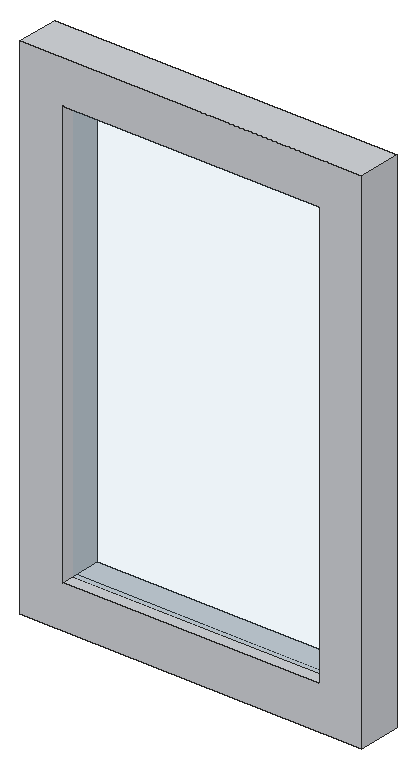
Revit family "PHLS Window", category Windows, host Wall, Revit 2018
Family settings
  Host = Wall
  OmniClass Number = 23.30.20.00
  OmniClass Title = Windows
  Always vertical = Yes
  Cut with Voids When Loaded = No
  Shared = No
  Room Calculation Point = No
Parameters
  Transom t2 Width [instance] = 0 mm
  Transom t1 Width [instance] = 0 mm
  Transom t Width [instance] = 0 mm
  Top Sash Width Validated [instance] = if(Top Frame Width Sash < 10 mm, 10 mm, Top Frame Width Sash)  # 60 mm
  Top Frame Width Validated [instance] = if(Top Frame Width < 10 mm, 10 mm, Top Frame Width)  # 125 mm
  Top Frame Width Sash [instance] = 60 mm
  Top Frame Width Operable Validated [instance] = if(Top Frame Width Operable < 5 mm, 5 mm, Top Frame Width Operable)  # 200 mm
  Top Frame Width Operable [instance] = 200 mm
  Top Frame Width [instance] = 125 mm
  Threshold Width [instance] = 0 mm
  Sash Opening Symbol - Top Slide [instance] = no
  Sash Opening Symbol - Right Slide [instance] = no
  Sash Opening Symbol - Bottom Slide [instance] = no
  Sash Opening Symbol - Bottom Hung [instance] = no
  Sash Opening Symbol - Right Hung [instance] = no
  Right Sash Width Validated [instance] = if(Right Frame Width Sash < 10 mm, 10 mm, Right Frame Width Sash)  # 60 mm
  Right Frame Width Validated [instance] = if(Right Frame Width < 10 mm, 10 mm, Right Frame Width)  # 125 mm
  Right Frame Width Sash [instance] = 60 mm
  Right Frame Width Operable Validated [instance] = if(Right Frame Width Operable < 5 mm, 5 mm, Right Frame Width Operable)  # 200 mm
  Right Frame Width Operable [instance] = 200 mm
  Right Frame Width [instance] = 125 mm
  PHPP oReveal Right Side [instance] = 250 mm
  PHPP oReveal Left Side [instance] = 500 mm
  PHPP dReveal Right Side [instance] = 250 mm
  PHPP dReveal Left Side [instance] = 500 mm
  PHPP Window reveal depth [instance] = ((PHPP oReveal Left Side) + (PHPP oReveal Right Side)) / 2  # 375 mm
  PHPP Regulated / transparent [instance] = no
  PHPP Reduction factor z for temporary sun protection [instance] = ""
  PHPP Overhang depth [instance] = 1000 mm
  PHPP Installation situation top [instance] = "1"
  PHPP Installation situation right [instance] = "1"
  PHPP Installation situation left [instance] = "1"
  PHPP Installation situation bottom [instance] = "1"
  Top Sash Width Constraint [instance] = if(not(Top Sash Width Validated < Top Frame Width Operable Validated), 5 mm, Top Sash Width Validated)  # 60 mm
  Top Frame Width Constraint [instance] = if(Sash Option, if(Top Frame Width Operable = 0 mm, Top Frame Width Validated, Top Frame Width Operable Validated), Top Frame Width Validated)  # 125 mm
  Sash Setback [instance] = 100 mm
  Sash Opening Symbol - Top Hung [instance] = no
  Sash Opening Symbol - Left Slide [instance] = no
  Sash Opening Symbol - Left Hung [instance] = no
  Sash Depth [instance] = 100 mm
  Sash Option [instance] = no
  Right Sash Width Constraint [instance] = if(not(Right Sash Width Validated < Right Frame Width Operable Validated), 5 mm, Right Sash Width Validated)  # 60 mm
  Right Frame Width Constraint [instance] = if(Sash Option, if(Right Frame Width Operable = 0 mm, Right Frame Width Validated, Right Frame Width Operable Validated), Right Frame Width Validated)  # 125 mm
  PHPP Horizontal distance [instance] = 2000 mm
  PHPP Height of shading object [instance] = 2000 mm
  PHPP Glazing [instance] = ""
  PHPP Frame [instance] = ""
  PHPP Fixed glazing length of outer frame Top [instance] = if(No Sash Option, Width, 0 mm)  # 1000 mm
  PHPP Fixed glazing length of outer frame Right [instance] = if(No Sash Option, Height, 0 mm)  # 1500 mm
  PHPP Fixed glazing length of outer frame Left [instance] = if(No Sash Option, Height, 0 mm)  # 1500 mm
  PHPP Fixed glazing length of outer frame Bottom [instance] = if(No Sash Option, Width, 0 mm)  # 1000 mm
  PHPP Distance glazing to reveal [instance] = ((PHPP dReveal Left Side) + (PHPP dReveal Right Side)) / 2  # 375 mm
  PHPP Distance glazing to overhang [instance] = 1000 mm
  PHPP Description [instance] = ""
  PHPP Comfort exemption [instance] = no
  PHPP Additional reduction factor winter shading [instance] = ""
  PHPP Additional reduction factor summer shading [instance] = ""
  PHLS Familiy Object Version = "3.0 - December 2023"
  No Sash Option [instance] = not(Sash Option)  # yes
  Mullion m2 Width [instance] = 0 mm
  Mullion m1 Width [instance] = 0 mm
  Mullion m Width [instance] = 0 mm
  Mullion fm Width [instance] = 0 mm
  Left Sash Width Validated [instance] = if(Left Frame Width Sash < 10 mm, 10 mm, Left Frame Width Sash)  # 60 mm
  Left Sash Width Constraint [instance] = if(not(Left Sash Width Validated < Left Frame Width Operable Validated), 5 mm, Left Sash Width Validated)  # 60 mm
  Left Frame Width Validated [instance] = if(Left Frame Width < 10 mm, 10 mm, Left Frame Width)  # 125 mm
  Left Frame Width Sash [instance] = 60 mm
  Left Frame Width Operable Validated [instance] = if(Left Frame Width Operable < 5 mm, 5 mm, Left Frame Width Operable)  # 200 mm
  Left Frame Width Operable [instance] = 200 mm
  Left Frame Width Constraint [instance] = if(Sash Option, if(Left Frame Width Operable = 0 mm, Left Frame Width Validated, Left Frame Width Operable Validated), Left Frame Width Validated)  # 125 mm
  Left Frame Width [instance] = 125 mm
  Height [instance] = 1500 mm
  Glass Thickness [instance] = 14.974 mm
  Glass Setback Constraint [instance] = if(No Sash Option, Glass Setback Case No Sash Option, Glass Setback Case Sash Option)  # 125 mm
  Glass Setback Case Sash Option [instance] = if(and(Sash Option, Glass Setback < Sash Setback), Sash Setback, if(and(Sash Option, Glass Setback > Sash Setback + Sash Depth), Sash Setback + Sash Depth - Glass Thickness, Glass Setback))  # 125 mm
  Glass Setback Case No Sash Option [instance] = if(and(No Sash Option, Glass Setback < Frame Setback), Frame Setback, if(and(No Sash Option, Glass Setback > Frame Setback + Frame Depth), Frame Setback + Frame Depth - Glass Thickness, Glass Setback))  # 125 mm
  Glass Setback [instance] = 125 mm
  Glass Material [instance] = Glass
  Frame Setback [instance] = 50 mm
  Frame Material [instance] = none
  Frame Depth [instance] = 125 mm
  Default Sill Height = 800 mm
  Wall Closure = By host
  Width [instance] = 1000 mm
  Bottom Sash Width Validated [instance] = if(Bottom Frame Width Sash < 10 mm, 10 mm, Bottom Frame Width Sash)  # 60 mm
  Bottom Sash Width Constraint [instance] = if(not(Bottom Sash Width Validated < Bottom Frame Width Operable Validated), 5 mm, Bottom Sash Width Validated)  # 60 mm
  Bottom Frame Width Validated [instance] = if(Bottom Frame Width < 10 mm, 10 mm, Bottom Frame Width)  # 125 mm
  Bottom Frame Width Sash [instance] = 60 mm
  Bottom Frame Width Operable Validated [instance] = if(Bottom Frame Width Operable < 5 mm, 5 mm, Bottom Frame Width Operable)  # 200 mm
  Bottom Frame Width Operable [instance] = 200 mm
  Bottom Frame Width Constraint [instance] = if(Sash Option, if(Bottom Frame Width Operable = 0 mm, Bottom Frame Width Validated, Bottom Frame Width Operable Validated), Bottom Frame Width Validated)  # 125 mm
  Shading Guides and Labels Visible [instance] = yes
  Bottom Frame Width [instance] = 125 mm
  Analytic Construction = "<None>"
Reference planes
  plane 1 "Center (Front/Back)": y = 0
  plane 2 "Center (Left/Right)": x = 0
  plane 3 "Left": x = -500
  plane 4 "Right": x = 500
  plane 5 "Sill": z = 800
  plane 6 "Head": z = 2300
  plane 7 "Exterior": y = 100
  plane 8 "Interior": y = -100
  plane 9 "Left Frame Overall": x = -375
  plane 10 "Right Frame Overall": x = 375
  plane 11 "Top Frame Overall": z = 2175
  plane 12 "Bottom Frame Overall": z = 925
  plane 13 "Frame Setback": y = 50
  plane 14 "Frame Depth": y = -75
  plane 15 "Glass Setback": y = -25
  plane 16 "Left Sash": x = -435
  plane 17 "Right Sash": x = 435
  plane 18 "Top Sash": z = 2235
  plane 19 "Bottom Sash": z = 865
  plane 20 "Sash Setback": y = 0
  plane 21 "Sash Depth": y = -100
  plane 22 "Glass Thickness": y = -39.974
  plane 23 "Height of Horizontal Shading": z = 2925
  plane 24 "Distance to Horizontal Shading": y = 1975
  plane 25 "Right Frame to Wall Opening": x = 500
  plane 26 "Left Frame to Wall Opening": x = -500
  plane 27 "Top Frame to Wall Opening": z = 2300
  plane 28 "Bottom Frame to Wall Opening": z = 800
  plane 29 "oReveal Left": y = 475
  plane 30 "oReveal Right": y = 225
  plane 31 "dReveal Left": x = -875
  plane 32 "dReveal Right": x = 625
  plane 33 "Distance to Overhang": y = 975
  plane 34 "Height of Overhang": z = 3175
  plane 35 "Center (Top/Bottom)": z = 1550
Forms (mm)
  Extrusion 1, solid, material <- "Frame Material", visible <- "No Sash Option"
    sketch origin (0, 0, 0) x (1, 0, 0) y (0, 1, 0)
      loop
        line (-500, 50) -> (-500, -75) -> (-375, -75) -> (-375, 50) -> (-500, 50)
    from 800 to 2300
  Extrusion 2, solid, material <- "Frame Material", visible <- "No Sash Option"
    sketch origin (240, 0, 0) x (1, 0, 0) y (0, 1, 0)
      loop
        line (135, 50) -> (135, -75) -> (260, -75) -> (260, 50) -> (135, 50)
    from 800 to 2300
  Extrusion 3, solid, material <- "Frame Material", visible <- "No Sash Option"
    sketch origin (-500, 0, 0) x (0, -1, 0) y (0, 0, 1)
      loop
        line (-50, 2300) -> (-50, 2175) -> (75, 2175) -> (75, 2300) -> (-50, 2300)
    from -1000 to 0
  Extrusion 4, solid, material <- "Frame Material", visible <- "No Sash Option"
    sketch origin (-500, 0, 0) x (0, -1, 0) y (0, 0, 1)
      loop
        line (-50, 925) -> (-50, 800) -> (75, 800) -> (75, 925) -> (-50, 925)
    from -1000 to 0
  Extrusion 5, solid, material <- "Frame Material", visible <- "Sash Option"
    sketch origin (0, 0, 0) x (1, 0, 0) y (0, 1, 0)
      loop
        line (-375, 0) -> (-435, 0) -> (-435, -100) -> (-375, -100) -> (-375, 0)
    from 865 to 2235
  Extrusion 6, solid, material <- "Frame Material", visible <- "Sash Option"
    sketch origin (260, 0, 0) x (1, 0, 0) y (0, 1, 0)
      loop
        line (175, 0) -> (115, 0) -> (115, -100) -> (175, -100) -> (175, 0)
    from 865 to 2235
  Extrusion 7, solid, material <- "Frame Material", visible <- "Sash Option"
    sketch origin (-500, 0, 0) x (0, -1, 0) y (0, 0, 1)
      loop
        line (0, 2235) -> (0, 2175) -> (100, 2175) -> (100, 2235) -> (0, 2235)
    from -935 to -65
  Extrusion 8, solid, material <- "Frame Material", visible <- "Sash Option"
    sketch origin (-500, 0, -1160) x (0, -1, 0) y (0, 0, 1)
      loop
        line (0, 2085) -> (0, 2025) -> (100, 2025) -> (100, 2085) -> (0, 2085)
    from -935 to -65
  Extrusion 9, solid, material "Glass" <- "Glass Material"
    sketch origin (0, 100, 0) x (1, 0, 0) y (0, 0, 1)
      loop
        line (375, 2175) -> (-375, 2175) -> (-375, 925) -> (375, 925) -> (375, 2175)
    from 125 to 139.974
  Extrusion 10, solid, material <- "Frame Material", visible <- "Sash Option"
    sketch origin (0, 0, 0) x (1, 0, 0) y (0, 1, 0)
      loop
        line (-500, 50) -> (-500, -75) -> (-435, -75) -> (-435, 50) -> (-500, 50)
    from 800 to 2300
  Extrusion 11, solid, material <- "Frame Material", visible <- "Sash Option"
    sketch origin (240, 0, 0) x (1, 0, 0) y (0, 1, 0)
      loop
        line (195, 50) -> (195, -75) -> (260, -75) -> (260, 50) -> (195, 50)
    from 800 to 2300
  Extrusion 12, solid, material <- "Frame Material", visible <- "Sash Option"
    sketch origin (-500, 0, 0) x (0, -1, 0) y (0, 0, 1)
      loop
        line (-50, 2300) -> (-50, 2235) -> (75, 2235) -> (75, 2300) -> (-50, 2300)
    from -1000 to 0
  Extrusion 13, solid, material <- "Frame Material", visible <- "Sash Option"
    sketch origin (-500, 0, 0) x (0, -1, 0) y (0, 0, 1)
      loop
        line (-50, 865) -> (-50, 800) -> (75, 800) -> (75, 865) -> (-50, 865)
    from -1000 to 0
Cuts and joins
  joined: Extrusion 1, Extrusion 2, Extrusion 3, Extrusion 4
  joined: Extrusion 5, Extrusion 6, Extrusion 7, Extrusion 8
  joined: Extrusion 10, Extrusion 11, Extrusion 12, Extrusion 13
Lines and regions (mm)
  Opening 1
    outline origin (3500, -100, 0) x (1, 0, 0) y (0, 0, 1)
      loop
        line (-3000, 800) -> (-3000, 2300) -> (-4000, 2300) -> (-4000, 800) -> (-3000, 800)
  symbolic lines, style "WindowsHiddenLines", visible <- "Shading Guides and Labels Visible"
    curve 1: line (-500, 1975, 0) -> (500, 1975, 0)
    curve 2: line (500, 100, 2925) -> (-500, 100, 2925)
    curve 3: line (-500, 2475, 2925) -> (-500, 1875, 2925)
    curve 4: line (-500, 1975, 925) -> (-500, 1975, 3025)
    curve 5: line (-1375, 475, 0) -> (-775, 475, 0)
    curve 6: line (1125, 225, 0) -> (525, 225, 0)
    curve 7: line (-875, -25, 0) -> (-875, 575, 0)
    curve 8: line (625, -25, 0) -> (625, 325, 0)
    curve 9: line (-500, 1075, 3175) -> (-500, -25, 3175)
    curve 10: line (-500, 975, 3075) -> (-500, 975, 3675)
    curve 11: line (-500, 975, 0) -> (500, 975, 0)
    curve 12: line (500, 100, 3175) -> (-500, 100, 3175)
    curve 13: line (625, 100, 925) -> (625, 100, 2175)
    curve 14: line (-875, 100, 2175) -> (-875, 100, 925)
    curve 15: line (-500, 475, 925) -> (-500, 475, 2175)
    curve 16: line (-500, 225, 925) -> (-500, 225, 2175)
  symbolic lines, style "WindowsHiddenLines", visible <- "Sash Opening Symbol - Left Hung"
    curve 17: line (375, 100, 2175) -> (-375, 100, 1550)
    curve 18: line (375, 100, 925) -> (-375, 100, 1550)
  symbolic lines, style "WindowsHiddenLines", visible <- "Sash Opening Symbol - Right Hung"
    curve 19: line (-375, 100, 2175) -> (375, 100, 1550)
    curve 20: line (-375, 100, 925) -> (375, 100, 1550)
  symbolic lines, style "WindowsHiddenLines", visible <- "Sash Opening Symbol - Top Hung"
    curve 21: line (375, 100, 2175) -> (0, 100, 925)
    curve 22: line (0, 100, 925) -> (-375, 100, 2175)
  symbolic lines, style "WindowsHiddenLines", visible <- "Sash Opening Symbol - Bottom Hung"
    curve 23: line (375, 100, 925) -> (0, 100, 2175)
    curve 24: line (0, 100, 2175) -> (-375, 100, 925)
Text (mm)
  text "EXTERIOR" at (-1963.203, 1332.353, 0), in view "Ref. Level"
  text "INTERIOR" at (-1981.466, -818.386, 0), in view "Ref. Level"
  text "Exterior" at (0, 923.751, 2943.296), in view "Right"
  text "Exterior" at (0, 1040.484, 2685.409), in view "Left"
Dimensions and locks
  equal spacing: plane 3 "Left", plane 2 "Center (Left/Right)", plane 4 "Right"
  "Width": plane 3 "Left" to plane 4 "Right"
  "Height": plane 5 "Sill" to plane 6 "Head"
  "Default Sill Height": plane 5 "Sill" to level
  locked: plane 7 "Exterior" to host wall at 0
  locked: plane 8 "Interior" to host wall
  "Left Frame Width Constraint": plane 26 "Left Frame to Wall Opening" to plane 9 "Left Frame Overall"
  "Right Frame Width Constraint": plane 10 "Right Frame Overall" to plane 25 "Right Frame to Wall Opening"
  "Bottom Frame Width Constraint": plane 28 "Bottom Frame to Wall Opening" to plane 12 "Bottom Frame Overall"
  "Glass Setback Constraint": plane 15 "Glass Setback" to plane 7 "Exterior"
  "Frame Setback": plane 13 "Frame Setback" to plane 7 "Exterior"
  "Frame Depth": plane 13 "Frame Setback" to plane 14 "Frame Depth"
  "Bottom Sash Width Constraint": plane 19 "Bottom Sash" to plane 12 "Bottom Frame Overall"
  "Top Sash Width Constraint": plane 11 "Top Frame Overall" to plane 18 "Top Sash"
  "Right Sash Width Constraint": plane 10 "Right Frame Overall" to plane 17 "Right Sash"
  "Left Sash Width Constraint": plane 16 "Left Sash" to plane 9 "Left Frame Overall"
  "Sash Setback": plane 20 "Sash Setback" to plane 7 "Exterior"
  "Sash Depth": plane 20 "Sash Setback" to plane 21 "Sash Depth"
  "Glass Thickness": plane 15 "Glass Setback" to plane 22 "Glass Thickness"
  "PHPP Horizontal distance": plane 24 "Distance to Horizontal Shading" to plane 15 "Glass Setback"
  "PHPP Height of shading object": plane 12 "Bottom Frame Overall" to plane 23 "Height of Horizontal Shading"
  "Top Frame Width Constraint": plane 11 "Top Frame Overall" to plane 27 "Top Frame to Wall Opening"
  locked: curve 3 to plane 24 "Distance to Horizontal Shading" at 500
  "PHPP oReveal Left Side": plane 29 "oReveal Left" to plane 15 "Glass Setback"
  "PHPP oReveal Right Side": plane 30 "oReveal Right" to plane 15 "Glass Setback"
  "PHPP dReveal Left Side": plane 31 "dReveal Left" to plane 9 "Left Frame Overall"
  locked: curve 5 to plane 31 "dReveal Left" at 500
  curve 7 to plane 29 "oReveal Left" = 100 mm
  locked: plane 29 "oReveal Left" to nested 4 at 250
  locked: curve 8 to plane 30 "oReveal Right" at 100
  locked: plane 32 "dReveal Right" to curve 6 at 500
  locked: plane 30 "oReveal Right" to nested 5 at 249.713
  "PHPP dReveal Right Side": plane 10 "Right Frame Overall" to plane 32 "dReveal Right"
  locked: plane 31 "dReveal Left" to curve 5 at 100
  "PHPP Overhang depth": plane 33 "Distance to Overhang" to plane 15 "Glass Setback"
  "PHPP Distance glazing to overhang": plane 11 "Top Frame Overall" to plane 34 "Height of Overhang"
  curve 9 to plane 33 "Distance to Overhang" to nested 11 = 100 mm locked, 150 mm locked
  locked: curve 4 to plane 23 "Height of Horizontal Shading" at 100
  equal spacing: plane 5 "Sill", plane 35 "Center (Top/Bottom)", plane 6 "Head"
  locked: nested 7 to plane 31 "dReveal Left" at 50
  locked: nested 2 to plane 31 "dReveal Left" at 250
  locked: curve 6 to plane 32 "dReveal Right" at 100
  locked: plane 32 "dReveal Right" to nested 3 at 250
  locked: nested 13 to plane 24 "Distance to Horizontal Shading" at 150
  locked: plane 23 "Height of Horizontal Shading" to nested 12 at 150
  locked: plane 24 "Distance to Horizontal Shading" to curve 3 at 100
  locked: curve 10 to plane 34 "Height of Overhang" at 500
  locked: plane 34 "Height of Overhang" to curve 10 at 100
  locked: nested 9 to plane 34 "Height of Overhang" at 150
  aligned and locked: Extrusion 1 sketch curve to plane 13 "Frame Setback"
  aligned and locked: plane 9 "Left Frame Overall" to Extrusion 1 sketch curve
  aligned and locked: plane 5 "Sill" to Extrusion 1
  aligned and locked: Extrusion 1 to plane 6 "Head"
  aligned and locked: Extrusion 2 sketch curve to plane 10 "Right Frame Overall"
  aligned and locked: Extrusion 2 to plane 6 "Head"
  aligned and locked: plane 5 "Sill" to Extrusion 2
  aligned and locked: Extrusion 3 sketch curve to plane 13 "Frame Setback"
  aligned and locked: plane 14 "Frame Depth" to Extrusion 3 sketch curve
  aligned and locked: plane 14 "Frame Depth" to Extrusion 4 sketch curve
  aligned and locked: plane 12 "Bottom Frame Overall" to Extrusion 4 sketch curve
  aligned and locked: Extrusion 4 sketch curve to plane 13 "Frame Setback"
  aligned and locked: plane 3 "Left" to Extrusion 3
  aligned and locked: plane 3 "Left" to Extrusion 4
  aligned and locked: Extrusion 3 to plane 4 "Right"
  aligned and locked: Extrusion 4 to plane 4 "Right"
  aligned and locked: Extrusion 5 sketch curve to plane 9 "Left Frame Overall"
  aligned and locked: plane 16 "Left Sash" to Extrusion 5 sketch curve
  aligned and locked: plane 20 "Sash Setback" to Extrusion 5 sketch curve
  aligned and locked: Extrusion 5 sketch curve to plane 21 "Sash Depth"
  aligned and locked: plane 19 "Bottom Sash" to Extrusion 5
  aligned and locked: Extrusion 5 to plane 18 "Top Sash"
  aligned and locked: Extrusion 6 to plane 18 "Top Sash"
  aligned and locked: plane 19 "Bottom Sash" to Extrusion 6
  aligned and locked: Extrusion 6 sketch curve to plane 17 "Right Sash"
  aligned and locked: plane 10 "Right Frame Overall" to Extrusion 6 sketch curve
  aligned and locked: Extrusion 6 sketch curve to plane 21 "Sash Depth"
  aligned and locked: plane 20 "Sash Setback" to Extrusion 6 sketch curve
  aligned and locked: Extrusion 7 sketch curve to plane 11 "Top Frame Overall"
  aligned and locked: plane 18 "Top Sash" to Extrusion 7 sketch curve
  aligned and locked: plane 21 "Sash Depth" to Extrusion 7 sketch curve
  aligned and locked: Extrusion 7 sketch curve to plane 20 "Sash Setback"
  aligned and locked: Extrusion 7 to plane 17 "Right Sash"
  aligned and locked: plane 16 "Left Sash" to Extrusion 7
  aligned and locked: plane 16 "Left Sash" to Extrusion 8
  aligned and locked: Extrusion 8 to plane 17 "Right Sash"
  aligned and locked: Extrusion 8 sketch curve to plane 20 "Sash Setback"
  aligned and locked: plane 21 "Sash Depth" to Extrusion 8 sketch curve
  aligned and locked: plane 12 "Bottom Frame Overall" to Extrusion 8 sketch curve
  aligned and locked: Extrusion 8 sketch curve to plane 19 "Bottom Sash"
  aligned and locked: plane 11 "Top Frame Overall" to Extrusion 9 sketch curve
  aligned and locked: plane 10 "Right Frame Overall" to Extrusion 9 sketch curve
  aligned and locked: Extrusion 9 sketch curve to plane 12 "Bottom Frame Overall"
  aligned and locked: Extrusion 9 sketch curve to plane 9 "Left Frame Overall"
  aligned and locked: plane 15 "Glass Setback" to Extrusion 9
  aligned and locked: Extrusion 9 to plane 22 "Glass Thickness"
  aligned and locked: Extrusion 13 sketch curve to plane 13 "Frame Setback"
  aligned and locked: plane 14 "Frame Depth" to Extrusion 13 sketch curve
  aligned and locked: Extrusion 13 sketch curve to plane 5 "Sill"
  aligned and locked: plane 19 "Bottom Sash" to Extrusion 13 sketch curve
  aligned and locked: cut or joined group of Extrusion 10, Extrusion 11, Extrusion 12, Extrusion 13 to plane 4 "Right"  (x2)
  aligned and locked: plane 3 "Left" to cut or joined group of Extrusion 10, Extrusion 11, Extrusion 12, Extrusion 13  (x2)
  aligned and locked: Extrusion 12 sketch curve to plane 13 "Frame Setback"
  aligned and locked: plane 14 "Frame Depth" to Extrusion 12 sketch curve
  aligned and locked: Extrusion 12 sketch curve to plane 18 "Top Sash"
  aligned and locked: plane 6 "Head" to Extrusion 12 sketch curve
  aligned and locked: plane 4 "Right" to Extrusion 11 sketch curve
  aligned and locked: plane 14 "Frame Depth" to Extrusion 11 sketch curve
  aligned and locked: Extrusion 11 sketch curve to plane 13 "Frame Setback"
  aligned and locked: Extrusion 11 sketch curve to plane 17 "Right Sash"
  aligned and locked: cut or joined group of Extrusion 10, Extrusion 11, Extrusion 12, Extrusion 13 to plane 6 "Head"  (x2)
  aligned and locked: plane 5 "Sill" to cut or joined group of Extrusion 10, Extrusion 11, Extrusion 12, Extrusion 13  (x2)
  aligned and locked: Extrusion 10 sketch curve to plane 3 "Left"
  aligned and locked: plane 14 "Frame Depth" to Extrusion 10 sketch curve
  aligned and locked: Extrusion 10 sketch curve to plane 13 "Frame Setback"
  aligned and locked: plane 16 "Left Sash" to Extrusion 10 sketch curve
  aligned and locked: plane 14 "Frame Depth" to Extrusion 2 sketch curve
  aligned and locked: Extrusion 2 sketch curve to plane 13 "Frame Setback"
  aligned and locked: plane 14 "Frame Depth" to Extrusion 1 sketch curve
  aligned and locked: plane 25 "Right Frame to Wall Opening" to Extrusion 2 sketch curve
  aligned and locked: plane 4 "Right" to cut or joined group of Extrusion 10, Extrusion 11, Extrusion 12, Extrusion 13
  aligned and locked: plane 4 "Right" to plane 25 "Right Frame to Wall Opening"
  aligned and locked: plane 3 "Left" to plane 26 "Left Frame to Wall Opening"
  aligned and locked: Extrusion 1 sketch curve to plane 26 "Left Frame to Wall Opening"
  aligned and locked: curve 1 to plane 24 "Distance to Horizontal Shading"
  aligned and locked: curve 1 to plane 4 "Right"
  aligned and locked: plane 3 "Left" to curve 2
  aligned and locked: plane 4 "Right" to curve 2
  aligned and locked: curve 2 to plane 23 "Height of Horizontal Shading"
  aligned and locked: curve 4 to plane 24 "Distance to Horizontal Shading"
  aligned and locked: plane 2 "Center (Left/Right)" to nested 1
  aligned and locked: plane 27 "Top Frame to Wall Opening" to plane 6 "Head"
  aligned and locked: plane 28 "Bottom Frame to Wall Opening" to plane 5 "Sill"
  aligned and locked: plane 28 "Bottom Frame to Wall Opening" to Extrusion 4 sketch curve
  aligned and locked: Extrusion 3 sketch curve to plane 27 "Top Frame to Wall Opening"
  aligned and locked: Extrusion 3 sketch curve to plane 11 "Top Frame Overall"
  aligned and locked: curve 5 to plane 29 "oReveal Left"
  aligned and locked: curve 6 to plane 30 "oReveal Right"
  aligned and locked: plane 30 "oReveal Right" to nested 3
  aligned and locked: curve 7 to plane 31 "dReveal Left"
  aligned and locked: nested 4 to plane 31 "dReveal Left"
  aligned and locked: curve 8 to plane 32 "dReveal Right"
  aligned and locked: plane 32 "dReveal Right" to nested 5
  aligned and locked: nested 2 to plane 29 "oReveal Left"
  aligned and locked: plane 15 "Glass Setback" to curve 7
  aligned and locked: curve 8 to plane 15 "Glass Setback"
  aligned and locked: curve 9 to plane 34 "Height of Overhang"
  aligned and locked: curve 9 to plane 15 "Glass Setback"
  aligned and locked: curve 10 to plane 33 "Distance to Overhang"
  aligned and locked: curve 4 to plane 12 "Bottom Frame Overall"
  aligned and locked: curve 3 to plane 23 "Height of Horizontal Shading"
  aligned and locked: plane 2 "Center (Left/Right)" to nested 6
  aligned and locked: nested 6 to plane 33 "Distance to Overhang"
  aligned and locked: curve 11 to plane 3 "Left"
  aligned and locked: curve 11 to plane 4 "Right"
  aligned and locked: curve 11 to plane 33 "Distance to Overhang"
  aligned and locked: plane 4 "Right" to curve 12
  aligned and locked: plane 3 "Left" to curve 12
  aligned and locked: curve 12 to plane 34 "Height of Overhang"
  aligned and locked: plane 12 "Bottom Frame Overall" to curve 13
  aligned and locked: plane 11 "Top Frame Overall" to curve 13
  aligned and locked: curve 13 to plane 32 "dReveal Right"
  aligned and locked: plane 32 "dReveal Right" to nested 8
  aligned and locked: nested 8 to plane 35 "Center (Top/Bottom)"
  aligned and locked: nested 7 to plane 35 "Center (Top/Bottom)"
  aligned and locked: plane 34 "Height of Overhang" to nested 10
  aligned and locked: nested 10 to plane 2 "Center (Left/Right)"
  aligned and locked: plane 33 "Distance to Overhang" to nested 9
  aligned and locked: nested 11 to plane 34 "Height of Overhang"
  aligned and locked: nested 12 to plane 24 "Distance to Horizontal Shading"
  aligned and locked: nested 14 to plane 2 "Center (Left/Right)"
  aligned and locked: plane 23 "Height of Horizontal Shading" to nested 14
  aligned and locked: nested 13 to plane 23 "Height of Horizontal Shading"
  aligned and locked: plane 11 "Top Frame Overall" to curve 14
  aligned and locked: plane 12 "Bottom Frame Overall" to curve 14
  aligned and locked: curve 14 to plane 31 "dReveal Left"
  aligned and locked: curve 16 to plane 30 "oReveal Right"
  aligned and locked: nested 15 to plane 30 "oReveal Right"
  aligned and locked: curve 15 to plane 29 "oReveal Left"
  aligned and locked: nested 16 to plane 29 "oReveal Left"
  aligned and locked: plane 35 "Center (Top/Bottom)" to nested 15
  aligned and locked: plane 35 "Center (Top/Bottom)" to nested 16
  aligned and locked: plane 11 "Top Frame Overall" to curve 16
  aligned and locked: plane 11 "Top Frame Overall" to curve 15
  aligned and locked: plane 12 "Bottom Frame Overall" to curve 16
  aligned and locked: plane 12 "Bottom Frame Overall" to curve 15
  aligned and locked: plane 11 "Top Frame Overall" to curve 17
  aligned and locked: plane 10 "Right Frame Overall" to curve 17
  aligned and locked: plane 10 "Right Frame Overall" to curve 18
  aligned and locked: plane 12 "Bottom Frame Overall" to curve 18
  aligned and locked: plane 35 "Center (Top/Bottom)" to curve 18
  aligned and locked: plane 9 "Left Frame Overall" to curve 18
  aligned and locked: plane 11 "Top Frame Overall" to curve 19
  aligned and locked: plane 9 "Left Frame Overall" to curve 19
  aligned and locked: plane 10 "Right Frame Overall" to curve 20
  aligned and locked: plane 9 "Left Frame Overall" to curve 20
  aligned and locked: plane 12 "Bottom Frame Overall" to curve 20
  aligned and locked: plane 35 "Center (Top/Bottom)" to curve 20
  aligned and locked: plane 2 "Center (Left/Right)" to nested 17
  aligned and locked: plane 35 "Center (Top/Bottom)" to nested 17
  aligned and locked: plane 2 "Center (Left/Right)" to nested 18
  aligned and locked: nested 18 to plane 35 "Center (Top/Bottom)"
  aligned and locked: nested 19 to plane 2 "Center (Left/Right)"
  aligned and locked: nested 19 to plane 35 "Center (Top/Bottom)"
  aligned and locked: plane 35 "Center (Top/Bottom)" to nested 20
  aligned and locked: plane 2 "Center (Left/Right)" to nested 20
  aligned and locked: nested 1 to plane 24 "Distance to Horizontal Shading"
Automatic sketch dimensions
  plane 3 "Left" to Opening 1 sketch curve = 0 mm
  plane 4 "Right" to Opening 1 sketch curve = 0 mm
  Opening 1 sketch curve to plane 5 "Sill" = 0 mm
  Opening 1 sketch curve to plane 6 "Head" = 0 mm
  plane 2 "Center (Left/Right)" to curve 21 = 0 mm
  plane 2 "Center (Left/Right)" to curve 23 = 0 mm
  curve 21 to plane 12 "Bottom Frame Overall" = 0 mm
  curve 24 to plane 11 "Top Frame Overall" = 0 mm
  curve 1 to plane 3 "Left" = 0 mm
Nested families
  nested 1: "dHori Text" at (0, 1975, 0), visible <- "Shading Guides and Labels Visible", type "dHori Text"
  nested 2: "oReveal Left Side Text" at (-1125, 475, 0), visible <- "Shading Guides and Labels Visible", type "oReveal Left Side Text"
  nested 3: "oReveal Right Side Text" at (875, 225, 0), visible <- "Shading Guides and Labels Visible", type "oReveal Right Side Text"
  nested 4: "dReveal Left Side Text" at (-875, 225, 0) x (0, 1, 0) z (0, 0, 1), visible <- "Shading Guides and Labels Visible", type "dReveal Left Side Text"
  nested 5: "dReveal Right Side Text" at (625, -24.713, 0) x (0, -1, 0) z (0, 0, 1), visible <- "Shading Guides and Labels Visible", type "dReveal Right Side Text"
  nested 6: "oOver Text" at (0, 975, 0), visible <- "Shading Guides and Labels Visible", type "oOver Text"
  nested 7: "dReveal Left Side Text - Elevation" at (-825, 100, 1550) x (0, 0, 1) z (0, -1, 0), visible <- "Shading Guides and Labels Visible", type "dReveal Left Side Text - Elevation"
  nested 8: "dReveal Right Side Text - Elevation" at (625, 100, 1550) x (0, 0, 1) z (0, -1, 0), visible <- "Shading Guides and Labels Visible", type "dReveal Right Side Text - Elevation"
  nested 9: "oOver Text - Elevation" at (-500, 975, 3325) x (0, 0, 1) z (-1, 0, 0), visible <- "Shading Guides and Labels Visible", type "oOver Text - Elevation"
  nested 10: "dOver Text - Elevation" at (0, 100, 3175) x (-1, 0, 0) z (0, -1, 0), visible <- "Shading Guides and Labels Visible", type "dOver Text - Elevation"
  nested 11: "dOver Text - Elevation" at (-500, 825, 3175) x (0, -1, 0) z (-1, 0, 0), visible <- "Shading Guides and Labels Visible", type "dOver Text - Elevation"
  nested 12: "dHori Text - Elevation" at (-500, 1975, 2775) x (0, 0, 1) z (-1, 0, 0), visible <- "Shading Guides and Labels Visible", type "dHori Text - Elevation"
  nested 13: "hHori Text - Elevation" at (-500, 2125, 2925) x (0, -1, 0) z (-1, 0, 0), visible <- "Shading Guides and Labels Visible", type "hHori Text - Elevation"
  nested 14: "hHori Text - Elevation" at (0, 100, 2925) x (-1, 0, 0) z (0, -1, 0), visible <- "Shading Guides and Labels Visible", type "hHori Text - Elevation"
  nested 15: "oReveal Right Side Text - Elevation" at (-500, 225, 1550) x (0, 0, 1) z (-1, 0, 0), visible <- "Shading Guides and Labels Visible", type "oReveal Right Side Text - Elevation"
  nested 16: "oReveal Left Side Text - Elevation" at (-500, 475, 1550) x (0, 0, 1) z (-1, 0, 0), visible <- "Shading Guides and Labels Visible", type "oReveal Left Side Text - Elevation"
  nested 17: "Arrow Symbol - Left Right" at (0, 100, 1550) x (-1, 0, 0) z (0, -1, 0), visible <- "Sash Opening Symbol - Right Slide", type "Arrow Symbol - Left Right"
  nested 18: "Arrow Symbol - Left Right" at (0, 100, 1550) x (1, 0, 0) z (0, -1, 0), visible <- "Sash Opening Symbol - Left Slide", type "Arrow Symbol - Left Right"
  nested 19: "Arrow Symbol - Up Down" at (0, 100, 1550) x (1, 0, 0) z (0, -1, 0), visible <- "Sash Opening Symbol - Top Slide", type "Arrow Symbol - Up Down"
  nested 20: "Arrow Symbol - Up Down" at (0, 100, 1550) x (-1, 0, 0) z (0, -1, 0), visible <- "Sash Opening Symbol - Bottom Slide", type "Arrow Symbol - Up Down"
Definition of nested family "dHori Text"
  Reference planes
    plane 1: y = 0
    plane 2: x = 0
  Text (mm)
    text "PHPP dHori" at (0.078, 0.708, 0)
Definition of nested family "oReveal Left Side Text"
  Reference planes
    plane 1: y = 0
    plane 2: x = 0
  Text (mm)
    text "PHPP oReveal Left Side" at (0.118, 0.661, 0)
Definition of nested family "oReveal Right Side Text"
  Reference planes
    plane 1: y = 0
    plane 2: x = 0
  Text (mm)
    text "PHPP oReveal Right Side" at (0.011, 0.693, 0)
Definition of nested family "dReveal Left Side Text"
  Reference planes
    plane 1: y = 0
    plane 2: x = 0
  Text (mm)
    text "PHPP dReveal Left Side" at (0.065, -0.206, 0)
Definition of nested family "dReveal Right Side Text"
  Reference planes
    plane 1: y = 0
    plane 2: x = 0
  Text (mm)
    text "PHPP dReveal Right Side" at (0.143, -0.206, 0)
Definition of nested family "oOver Text"
  Reference planes
    plane 1: y = 0
    plane 2: x = 0
  Text (mm)
    text "PHPP oOver" at (0.078, 0.757, 0)
Definition of nested family "dReveal Left Side Text - Elevation"
  Reference planes
    plane 1 "Center (Front/Back)": y = 0
    plane 2: z = 0
    plane 3 "Center (Left/Right)": x = 0
  Lines and regions (mm)
    Filled region 1, type "Solid Fill - Blue", in view "Ref. Level"
      outline origin (0, 0, 0) x (1, 0, 0) y (0, 1, 0)
        loop
          line (-188.472, -33.793) -> (-185.05, -33.793) -> (-182.961, -23.613) -> (-175.674, -23.613)
          spline (-175.674, -23.613) -> (-171.33, -22.908) -> (-169.791, -22.309) -> (-168.405, -21.311) -> (-167.201, -20.024) -> (-166.317, -18.518) -> (-165.768, -16.888) -> (-165.579, -15.289) -> (-165.618, -13.63) -> (-166.119, -11.979) -> (-167.07, -10.588) -> (-168.322, -9.573) -> (-171.627, -8.762)
          line (-171.627, -8.762) -> (-183.335, -8.762) -> (-188.472, -33.793)
        loop
          line (-180.453, -11.396) -> (-182.387, -20.819) -> (-175.67, -20.819)
          spline (-175.67, -20.819) -> (-172.662, -20.274) -> (-171.624, -19.818) -> (-170.758, -19.233) -> (-170.01, -18.47) -> (-169.367, -17.36) -> (-168.916, -16.205) -> (-168.749, -15.161) -> (-168.855, -14.116) -> (-169.161, -13.156) -> (-169.994, -12.16) -> (-170.911, -11.709) -> (-173.495, -11.396)
          line (-173.495, -11.396) -> (-180.453, -11.396)
    Filled region 2, type "Solid Fill - Blue", in view "Ref. Level"
      outline origin (23.211, 0, 0) x (1, 0, 0) y (0, 1, 0)
        loop
          line (-188.472, -33.793) -> (-185.05, -33.793) -> (-182.624, -21.973) -> (-169.658, -21.973) -> (-172.083, -33.793) -> (-168.661, -33.793) -> (-163.525, -8.762) -> (-166.947, -8.762) -> (-169.084, -19.178) -> (-182.05, -19.178) -> (-179.913, -8.762) -> (-183.335, -8.762) -> (-188.472, -33.793)
    Filled region 3, type "Solid Fill - Blue", in view "Ref. Level"
      outline origin (48.414, 0, 0) x (1, 0, 0) y (0, 1, 0)
        loop
          line (-188.472, -33.793) -> (-185.05, -33.793) -> (-182.961, -23.613) -> (-175.674, -23.613)
          spline (-175.674, -23.613) -> (-171.33, -22.908) -> (-169.791, -22.309) -> (-168.405, -21.311) -> (-167.201, -20.024) -> (-166.317, -18.518) -> (-165.768, -16.888) -> (-165.579, -15.289) -> (-165.618, -13.63) -> (-166.119, -11.979) -> (-167.07, -10.588) -> (-168.322, -9.573) -> (-171.627, -8.762)
          line (-171.627, -8.762) -> (-183.335, -8.762) -> (-188.472, -33.793)
        loop
          line (-180.453, -11.396) -> (-182.387, -20.819) -> (-175.67, -20.819)
          spline (-175.67, -20.819) -> (-172.662, -20.274) -> (-171.624, -19.818) -> (-170.758, -19.233) -> (-170.01, -18.47) -> (-169.367, -17.36) -> (-168.916, -16.205) -> (-168.749, -15.161) -> (-168.855, -14.116) -> (-169.161, -13.156) -> (-169.994, -12.16) -> (-170.911, -11.709) -> (-173.495, -11.396)
          line (-173.495, -11.396) -> (-180.453, -11.396)
    Filled region 4, type "Solid Fill - Blue", in view "Ref. Level"
      outline origin (71.479, 0, 0) x (1, 0, 0) y (0, 1, 0)
        loop
          line (-188.472, -33.793) -> (-185.05, -33.793) -> (-182.961, -23.613) -> (-175.674, -23.613)
          spline (-175.674, -23.613) -> (-171.33, -22.908) -> (-169.791, -22.309) -> (-168.405, -21.311) -> (-167.201, -20.024) -> (-166.317, -18.518) -> (-165.768, -16.888) -> (-165.579, -15.289) -> (-165.618, -13.63) -> (-166.119, -11.979) -> (-167.07, -10.588) -> (-168.322, -9.573) -> (-171.627, -8.762)
          line (-171.627, -8.762) -> (-183.335, -8.762) -> (-188.472, -33.793)
        loop
          line (-180.453, -11.396) -> (-182.387, -20.819) -> (-175.67, -20.819)
          spline (-175.67, -20.819) -> (-172.662, -20.274) -> (-171.624, -19.818) -> (-170.758, -19.233) -> (-170.01, -18.47) -> (-169.367, -17.36) -> (-168.916, -16.205) -> (-168.749, -15.161) -> (-168.855, -14.116) -> (-169.161, -13.156) -> (-169.994, -12.16) -> (-170.911, -11.709) -> (-173.495, -11.396)
          line (-173.495, -11.396) -> (-180.453, -11.396)
    Filled region 5, type "Solid Fill - Blue", in view "Ref. Level"
      outline origin (116.479, 0, 0) x (1, 0, 0) y (0, 1, 0)
        loop
          line (-189.097, -33.793) -> (-186.143, -33.793) -> (-181.007, -8.762) -> (-183.96, -8.762) -> (-185.992, -18.666)
          spline (-185.992, -18.666) -> (-189.018, -15.645) -> (-191.89, -15.318) -> (-194.745, -16.312) -> (-197.017, -18.256) -> (-198.758, -21.005) -> (-199.707, -23.911) -> (-199.98, -27.227) -> (-199.492, -30.174) -> (-197.974, -32.627) -> (-195.435, -34.052) -> (-192.553, -33.977) -> (-188.596, -31.353)
          line (-188.596, -31.353) -> (-189.097, -33.793)
        loop
          spline (-187.074, -23.939) -> (-187.766, -19.434) -> (-189.652, -17.96) -> (-191.978, -17.855) -> (-193.982, -19.036) -> (-195.419, -21.043) -> (-196.57, -23.675) -> (-197.008, -26.615) -> (-196.558, -29.314) -> (-195.29, -31.127) -> (-193.225, -31.745) -> (-190.995, -31.199) -> (-187.564, -26.326)
          line (-187.564, -26.326) -> (-187.074, -23.939)
    Filled region 6, type "Solid Fill - Blue", in view "Ref. Level"
      outline origin (123.92, 0, 0) x (1, 0, 0) y (0, 1, 0)
        loop
          line (-188.472, -33.793) -> (-185.05, -33.793) -> (-182.768, -22.676) -> (-178.749, -22.676)
          spline (-178.749, -22.676) -> (-177.093, -22.836) -> (-175.853, -23.268) -> (-174.945, -23.899) -> (-174.288, -24.657) -> (-173.796, -25.469) -> (-173.389, -26.266) -> (-173.006, -27.05) -> (-172.612, -27.905) -> (-172.172, -28.918) -> (-171.652, -30.178) -> (-171.017, -31.774) -> (-170.235, -33.793)
          line (-170.235, -33.793) -> (-166.55, -33.793)
          spline (-166.55, -33.793) -> (-167.221, -32.11) -> (-167.783, -30.698) -> (-168.262, -29.514) -> (-168.682, -28.512) -> (-169.068, -27.647) -> (-169.446, -26.874) -> (-169.84, -26.149) -> (-170.279, -25.44) -> (-170.789, -24.735) -> (-171.402, -24.023) -> (-172.145, -23.293) -> (-173.048, -22.536)
          spline (-173.048, -22.536) -> (-169.187, -21.607) -> (-167.872, -20.91) -> (-166.626, -19.99) -> (-165.691, -18.809) -> (-165.041, -17.479) -> (-164.64, -16.087) -> (-164.569, -14.41) -> (-164.781, -12.941) -> (-165.311, -11.614) -> (-166.271, -10.347) -> (-167.333, -9.51) -> (-170.221, -8.762)
          line (-170.221, -8.762) -> (-183.335, -8.762) -> (-188.472, -33.793)
        loop
          line (-180.453, -11.396) -> (-182.195, -19.881) -> (-174.048, -19.881)
          spline (-174.048, -19.881) -> (-171.339, -19.39) -> (-170.403, -18.98) -> (-169.624, -18.453) -> (-168.951, -17.766) -> (-168.372, -16.767) -> (-167.965, -15.727) -> (-167.815, -14.787) -> (-167.91, -13.846) -> (-168.186, -12.981) -> (-168.936, -12.084) -> (-169.762, -11.678) -> (-172.089, -11.396)
          line (-172.089, -11.396) -> (-180.453, -11.396)
    Filled region 7, type "Solid Fill - Blue", in view "Ref. Level"
      outline origin (152.049, 0, 0) x (1, 0, 0) y (0, 1, 0)
        loop
          line (-188.129, -25.472) -> (-174.751, -25.472)
          spline (-174.751, -25.472) -> (-175.33, -18.793) -> (-178.232, -15.972) -> (-182.297, -15.286) -> (-185.875, -16.235) -> (-188.923, -19.053) -> (-190.829, -22.908) -> (-191.378, -26.678) -> (-190.398, -30.629) -> (-187.637, -33.408) -> (-183.785, -34.191) -> (-179.629, -32.861) -> (-175.591, -27.915)
          line (-175.591, -27.915) -> (-178.628, -27.65)
          spline (-178.628, -27.65) -> (-179.383, -29.083) -> (-180.181, -30.112) -> (-181.08, -30.842) -> (-182.086, -31.328) -> (-183.191, -31.613) -> (-184.325, -31.69) -> (-185.385, -31.524) -> (-186.294, -31.082) -> (-187.053, -30.342) -> (-187.68, -29.283) -> (-188.105, -27.762) -> (-188.129, -25.472)
        loop
          spline (-177.445, -23.161) -> (-177.526, -21.224) -> (-177.805, -19.993) -> (-178.317, -19.083) -> (-179.061, -18.396) -> (-179.944, -17.928) -> (-180.872, -17.685) -> (-181.802, -17.626) -> (-182.746, -17.748) -> (-183.806, -18.125) -> (-185.057, -18.884) -> (-186.406, -20.407) -> (-187.699, -23.161)
          line (-187.699, -23.161) -> (-177.445, -23.161)
    Filled region 8, type "Solid Fill - Blue", in view "Ref. Level"
      outline origin (189.186, 0, 0) x (1, 0, 0) y (0, 1, 0)
        loop
          line (-188.129, -25.472) -> (-174.751, -25.472)
          spline (-174.751, -25.472) -> (-175.33, -18.793) -> (-178.232, -15.972) -> (-182.297, -15.286) -> (-185.875, -16.235) -> (-188.923, -19.053) -> (-190.829, -22.908) -> (-191.378, -26.678) -> (-190.398, -30.629) -> (-187.637, -33.408) -> (-183.785, -34.191) -> (-179.629, -32.861) -> (-175.591, -27.915)
          line (-175.591, -27.915) -> (-178.628, -27.65)
          spline (-178.628, -27.65) -> (-179.383, -29.083) -> (-180.181, -30.112) -> (-181.08, -30.842) -> (-182.086, -31.328) -> (-183.191, -31.613) -> (-184.325, -31.69) -> (-185.385, -31.524) -> (-186.294, -31.082) -> (-187.053, -30.342) -> (-187.68, -29.283) -> (-188.105, -27.762) -> (-188.129, -25.472)
        loop
          spline (-177.445, -23.161) -> (-177.526, -21.224) -> (-177.805, -19.993) -> (-178.317, -19.083) -> (-179.061, -18.396) -> (-179.944, -17.928) -> (-180.872, -17.685) -> (-181.802, -17.626) -> (-182.746, -17.748) -> (-183.806, -18.125) -> (-185.057, -18.884) -> (-186.406, -20.407) -> (-187.699, -23.161)
          line (-187.699, -23.161) -> (-177.445, -23.161)
    Filled region 9, type "Solid Fill - Blue", in view "Ref. Level"
      outline origin (173.693, 0, 0) x (1, 0, 0) y (0, 1, 0)
        loop
          line (-189.88, -33.819) -> (-186.425, -33.819) -> (-175.939, -15.656) -> (-179.19, -15.656) -> (-187.655, -30.927) -> (-189.88, -15.656) -> (-192.832, -15.656) -> (-189.88, -33.819)
    Filled region 10, type "Solid Fill - Blue", in view "Ref. Level"
      outline origin (208.746, 0, 0) x (1, 0, 0) y (0, 1, 0)
        loop
          spline (-176.731, -33.81) -> (-177.048, -30.756) -> (-176.568, -27.729) -> (-175.862, -24.428) -> (-175.296, -21.761) -> (-175.209, -19.472) -> (-176.174, -17.323) -> (-178.088, -15.946) -> (-180.408, -15.324) -> (-183.076, -15.244) -> (-185.871, -15.924) -> (-188.445, -17.662) -> (-190.254, -20.766)
          line (-190.254, -20.766) -> (-187.177, -21.036)
          spline (-187.177, -21.036) -> (-186.217, -19.367) -> (-185.166, -18.49) -> (-184.123, -18.053) -> (-183.14, -17.828) -> (-182.213, -17.753) -> (-181.329, -17.788) -> (-180.488, -17.931) -> (-179.696, -18.205) -> (-178.989, -18.646) -> (-178.457, -19.328) -> (-178.242, -20.429) -> (-178.61, -22.434)
          spline (-178.61, -22.434) -> (-182.106, -22.969) -> (-185.94, -23.268) -> (-188.411, -23.836) -> (-190.183, -24.81) -> (-191.466, -26.329) -> (-192.072, -28.375) -> (-191.785, -30.63) -> (-190.666, -32.589) -> (-188.815, -33.834) -> (-186.625, -34.269) -> (-184.308, -33.979) -> (-180.197, -31.547)
          line (-180.197, -31.547) -> (-179.837, -33.81) -> (-176.731, -33.81)
        loop
          arc (-179.062, -24.59) -> (-179.61, -24.797) -> (-180.176, -24.947) r 5.632
          spline (-180.176, -24.947) -> (-183.054, -25.289) -> (-185.569, -25.599) -> (-187.565, -26.26) -> (-188.711, -27.474) -> (-189.006, -29.249) -> (-188.323, -30.798) -> (-186.742, -31.691) -> (-184.734, -31.772) -> (-182.898, -31.193) -> (-181.336, -30.093) -> (-180.13, -28.385) -> (-179.062, -24.59)
    Filled region 11, type "Solid Fill - Blue", in view "Ref. Level"
      outline origin (223.839, 0, 0) x (1, 0, 0) y (0, 1, 0)
        loop
          line (-188.472, -33.793) -> (-185.362, -33.793) -> (-180.225, -8.762) -> (-183.335, -8.762) -> (-188.472, -33.793)
    Filled region 12, type "Solid Fill - Blue", in view "Ref. Level"
      outline origin (241.995, 0, 0) x (1, 0, 0) y (0, 1, 0)
        loop
          line (-188.472, -33.793) -> (-171.96, -33.793) -> (-171.385, -30.991) -> (-184.475, -30.991) -> (-179.913, -8.762) -> (-183.335, -8.762) -> (-188.472, -33.793)
    Filled region 13, type "Solid Fill - Blue", in view "Ref. Level"
      outline origin (264.491, 0, 0) x (1, 0, 0) y (0, 1, 0)
        loop
          line (-188.129, -25.472) -> (-174.751, -25.472)
          spline (-174.751, -25.472) -> (-175.33, -18.793) -> (-178.232, -15.972) -> (-182.297, -15.286) -> (-185.875, -16.235) -> (-188.923, -19.053) -> (-190.829, -22.908) -> (-191.378, -26.678) -> (-190.398, -30.629) -> (-187.637, -33.408) -> (-183.785, -34.191) -> (-179.629, -32.861) -> (-175.591, -27.915)
          line (-175.591, -27.915) -> (-178.628, -27.65)
          spline (-178.628, -27.65) -> (-179.383, -29.083) -> (-180.181, -30.112) -> (-181.08, -30.842) -> (-182.086, -31.328) -> (-183.191, -31.613) -> (-184.325, -31.69) -> (-185.385, -31.524) -> (-186.294, -31.082) -> (-187.053, -30.342) -> (-187.68, -29.283) -> (-188.105, -27.762) -> (-188.129, -25.472)
        loop
          spline (-177.445, -23.161) -> (-177.526, -21.224) -> (-177.805, -19.993) -> (-178.317, -19.083) -> (-179.061, -18.396) -> (-179.944, -17.928) -> (-180.872, -17.685) -> (-181.802, -17.626) -> (-182.746, -17.748) -> (-183.806, -18.125) -> (-185.057, -18.884) -> (-186.406, -20.407) -> (-187.699, -23.161)
          line (-187.699, -23.161) -> (-177.445, -23.161)
    Filled region 14, type "Solid Fill - Blue", in view "Ref. Level"
      outline origin (363.086, 0, 0) x (1, 0, 0) y (0, 1, 0)
        loop
          line (-188.129, -25.472) -> (-174.751, -25.472)
          spline (-174.751, -25.472) -> (-175.33, -18.793) -> (-178.232, -15.972) -> (-182.297, -15.286) -> (-185.875, -16.235) -> (-188.923, -19.053) -> (-190.829, -22.908) -> (-191.378, -26.678) -> (-190.398, -30.629) -> (-187.637, -33.408) -> (-183.785, -34.191) -> (-179.629, -32.861) -> (-175.591, -27.915)
          line (-175.591, -27.915) -> (-178.628, -27.65)
          spline (-178.628, -27.65) -> (-179.383, -29.083) -> (-180.181, -30.112) -> (-181.08, -30.842) -> (-182.086, -31.328) -> (-183.191, -31.613) -> (-184.325, -31.69) -> (-185.385, -31.524) -> (-186.294, -31.082) -> (-187.053, -30.342) -> (-187.68, -29.283) -> (-188.105, -27.762) -> (-188.129, -25.472)
        loop
          spline (-177.445, -23.161) -> (-177.526, -21.224) -> (-177.805, -19.993) -> (-178.317, -19.083) -> (-179.061, -18.396) -> (-179.944, -17.928) -> (-180.872, -17.685) -> (-181.802, -17.626) -> (-182.746, -17.748) -> (-183.806, -18.125) -> (-185.057, -18.884) -> (-186.406, -20.407) -> (-187.699, -23.161)
          line (-187.699, -23.161) -> (-177.445, -23.161)
    Filled region 15, type "Solid Fill - Blue", in view "Ref. Level"
      outline origin (352.658, 0, 0) x (1, 0, 0) y (0, 1, 0)
        loop
          line (-189.097, -33.793) -> (-186.143, -33.793) -> (-181.007, -8.762) -> (-183.96, -8.762) -> (-185.992, -18.666)
          spline (-185.992, -18.666) -> (-189.018, -15.645) -> (-191.89, -15.318) -> (-194.745, -16.312) -> (-197.017, -18.256) -> (-198.758, -21.005) -> (-199.707, -23.911) -> (-199.98, -27.227) -> (-199.492, -30.174) -> (-197.974, -32.627) -> (-195.435, -34.052) -> (-192.553, -33.977) -> (-188.596, -31.353)
          line (-188.596, -31.353) -> (-189.097, -33.793)
        loop
          spline (-187.074, -23.939) -> (-187.766, -19.434) -> (-189.652, -17.96) -> (-191.978, -17.855) -> (-193.982, -19.036) -> (-195.419, -21.043) -> (-196.57, -23.675) -> (-197.008, -26.615) -> (-196.558, -29.314) -> (-195.29, -31.127) -> (-193.225, -31.745) -> (-190.995, -31.199) -> (-187.564, -26.326)
          line (-187.564, -26.326) -> (-187.074, -23.939)
    Filled region 16, type "Solid Fill - Blue", in view "Ref. Level"
      outline origin (280.66, 0, 0) x (1, 0, 0) y (0, 1, 0)
        loop
          line (-188.472, -33.793) -> (-185.362, -33.793) -> (-182.128, -18.033) -> (-178.684, -18.033) -> (-178.196, -15.651) -> (-181.639, -15.651) -> (-181.13, -13.171)
          spline (-181.13, -13.171) -> (-180.875, -12.394) -> (-180.648, -11.881) -> (-180.425, -11.557) -> (-180.185, -11.35) -> (-179.912, -11.208) -> (-179.604, -11.12) -> (-179.257, -11.078) -> (-178.871, -11.074) -> (-178.428, -11.106) -> (-177.895, -11.181) -> (-177.234, -11.306) -> (-176.412, -11.487)
          line (-176.412, -11.487) -> (-175.837, -8.781)
          spline (-175.837, -8.781) -> (-177.104, -8.532) -> (-178.088, -8.382) -> (-178.945, -8.3) -> (-179.74, -8.286) -> (-180.49, -8.36) -> (-181.202, -8.535) -> (-181.855, -8.805) -> (-182.425, -9.164) -> (-182.908, -9.62) -> (-183.321, -10.204) -> (-183.703, -11.082) -> (-184.151, -12.738)
          line (-184.151, -12.738) -> (-184.748, -15.651) -> (-187.516, -15.651) -> (-188.004, -18.033) -> (-185.237, -18.033) -> (-188.472, -33.793)
    Filled region 17, type "Solid Fill - Blue", in view "Ref. Level"
      outline origin (290.66, 0, 0) x (1, 0, 0) y (0, 1, 0)
        loop
          spline (-188.225, -31.068) -> (-188.142, -32.2) -> (-187.85, -32.743) -> (-187.548, -33.075) -> (-187.215, -33.366) -> (-186.817, -33.641) -> (-186.334, -33.851) -> (-185.8, -33.988) -> (-185.279, -34.07) -> (-184.77, -34.11) -> (-184.203, -34.117) -> (-183.457, -34.057) -> (-182.296, -33.793)
          line (-182.296, -33.793) -> (-181.778, -31.268)
          spline (-181.778, -31.268) -> (-182.615, -31.431) -> (-183.256, -31.506) -> (-183.748, -31.513) -> (-184.131, -31.466) -> (-184.428, -31.371) -> (-184.66, -31.233) -> (-184.832, -31.045) -> (-184.939, -30.798) -> (-184.983, -30.489) -> (-184.981, -30.117) -> (-184.902, -29.552) -> (-184.676, -28.55)
          line (-184.676, -28.55) -> (-182.44, -18.033) -> (-179.466, -18.033) -> (-178.977, -15.651) -> (-181.952, -15.651) -> (-180.595, -9.043) -> (-184.142, -11.174) -> (-185.061, -15.651) -> (-187.516, -15.651) -> (-188.004, -18.033) -> (-185.55, -18.033) -> (-188.225, -31.068)
    Filled region 18, type "Solid Fill - Blue", in view "Ref. Level"
      outline origin (331.507, 0, 0) x (1, 0, 0) y (0, 1, 0)
        loop
          line (-187.046, -33.813) -> (-183.92, -33.813) -> (-180.059, -15.651) -> (-183.186, -15.651) -> (-187.046, -33.813)
        loop
          line (-178.662, -8.76) -> (-181.772, -8.76) -> (-182.479, -12.206) -> (-179.369, -12.206) -> (-178.662, -8.76)
    Filled region 19, type "Solid Fill - Blue", in view "Ref. Level"
      outline origin (314.652, 0, 0) x (1, 0, 0) y (0, 1, 0)
        loop
          spline (-191.902, -25.696) -> (-188.873, -32.573) -> (-184.7, -34.054) -> (-179.1, -33.911) -> (-174.626, -31.632) -> (-172.605, -27.747) -> (-173.701, -23.276) -> (-177.807, -20.444) -> (-183.106, -18.033) -> (-185.511, -14.656) -> (-182.77, -11.452) -> (-177.656, -11.4) -> (-174.053, -16.091)
          line (-174.053, -16.091) -> (-170.823, -15.809)
          spline (-170.823, -15.809) -> (-173.206, -10.35) -> (-177.749, -8.428) -> (-183.329, -8.698) -> (-187.292, -10.915) -> (-188.76, -15.635) -> (-186.187, -19.894) -> (-181.292, -22.401) -> (-176.599, -25.193) -> (-176.643, -29.277) -> (-181.021, -31.416) -> (-186.304, -30.526) -> (-188.603, -25.407)
          line (-188.603, -25.407) -> (-191.902, -25.696)
Definition of nested family "dReveal Right Side Text - Elevation"
  Reference planes
    plane 1 "Center (Front/Back)": y = 0
    plane 2: z = 0
    plane 3 "Center (Left/Right)": x = 0
  Lines and regions (mm)
    Filled region 1, type "Solid Fill - Blue", in view "Ref. Level"
      outline origin (-11.25, 0, 0) x (1, 0, 0) y (0, 1, 0)
        loop
          line (-188.472, -33.793) -> (-185.05, -33.793) -> (-182.961, -23.613) -> (-175.674, -23.613)
          spline (-175.674, -23.613) -> (-171.33, -22.908) -> (-169.791, -22.309) -> (-168.405, -21.311) -> (-167.201, -20.024) -> (-166.317, -18.518) -> (-165.768, -16.888) -> (-165.579, -15.289) -> (-165.618, -13.63) -> (-166.119, -11.979) -> (-167.07, -10.588) -> (-168.322, -9.573) -> (-171.627, -8.762)
          line (-171.627, -8.762) -> (-183.335, -8.762) -> (-188.472, -33.793)
        loop
          line (-180.453, -11.396) -> (-182.387, -20.819) -> (-175.67, -20.819)
          spline (-175.67, -20.819) -> (-172.662, -20.274) -> (-171.624, -19.818) -> (-170.758, -19.233) -> (-170.01, -18.47) -> (-169.367, -17.36) -> (-168.916, -16.205) -> (-168.749, -15.161) -> (-168.855, -14.116) -> (-169.161, -13.156) -> (-169.994, -12.16) -> (-170.911, -11.709) -> (-173.495, -11.396)
          line (-173.495, -11.396) -> (-180.453, -11.396)
    Filled region 2, type "Solid Fill - Blue", in view "Ref. Level"
      outline origin (11.961, 0, 0) x (1, 0, 0) y (0, 1, 0)
        loop
          line (-188.472, -33.793) -> (-185.05, -33.793) -> (-182.624, -21.973) -> (-169.658, -21.973) -> (-172.083, -33.793) -> (-168.661, -33.793) -> (-163.525, -8.762) -> (-166.947, -8.762) -> (-169.084, -19.178) -> (-182.05, -19.178) -> (-179.913, -8.762) -> (-183.335, -8.762) -> (-188.472, -33.793)
    Filled region 3, type "Solid Fill - Blue", in view "Ref. Level"
      outline origin (37.164, 0, 0) x (1, 0, 0) y (0, 1, 0)
        loop
          line (-188.472, -33.793) -> (-185.05, -33.793) -> (-182.961, -23.613) -> (-175.674, -23.613)
          spline (-175.674, -23.613) -> (-171.33, -22.908) -> (-169.791, -22.309) -> (-168.405, -21.311) -> (-167.201, -20.024) -> (-166.317, -18.518) -> (-165.768, -16.888) -> (-165.579, -15.289) -> (-165.618, -13.63) -> (-166.119, -11.979) -> (-167.07, -10.588) -> (-168.322, -9.573) -> (-171.627, -8.762)
          line (-171.627, -8.762) -> (-183.335, -8.762) -> (-188.472, -33.793)
        loop
          line (-180.453, -11.396) -> (-182.387, -20.819) -> (-175.67, -20.819)
          spline (-175.67, -20.819) -> (-172.662, -20.274) -> (-171.624, -19.818) -> (-170.758, -19.233) -> (-170.01, -18.47) -> (-169.367, -17.36) -> (-168.916, -16.205) -> (-168.749, -15.161) -> (-168.855, -14.116) -> (-169.161, -13.156) -> (-169.994, -12.16) -> (-170.911, -11.709) -> (-173.495, -11.396)
          line (-173.495, -11.396) -> (-180.453, -11.396)
    Filled region 4, type "Solid Fill - Blue", in view "Ref. Level"
      outline origin (60.229, 0, 0) x (1, 0, 0) y (0, 1, 0)
        loop
          line (-188.472, -33.793) -> (-185.05, -33.793) -> (-182.961, -23.613) -> (-175.674, -23.613)
          spline (-175.674, -23.613) -> (-171.33, -22.908) -> (-169.791, -22.309) -> (-168.405, -21.311) -> (-167.201, -20.024) -> (-166.317, -18.518) -> (-165.768, -16.888) -> (-165.579, -15.289) -> (-165.618, -13.63) -> (-166.119, -11.979) -> (-167.07, -10.588) -> (-168.322, -9.573) -> (-171.627, -8.762)
          line (-171.627, -8.762) -> (-183.335, -8.762) -> (-188.472, -33.793)
        loop
          line (-180.453, -11.396) -> (-182.387, -20.819) -> (-175.67, -20.819)
          spline (-175.67, -20.819) -> (-172.662, -20.274) -> (-171.624, -19.818) -> (-170.758, -19.233) -> (-170.01, -18.47) -> (-169.367, -17.36) -> (-168.916, -16.205) -> (-168.749, -15.161) -> (-168.855, -14.116) -> (-169.161, -13.156) -> (-169.994, -12.16) -> (-170.911, -11.709) -> (-173.495, -11.396)
          line (-173.495, -11.396) -> (-180.453, -11.396)
    Filled region 5, type "Solid Fill - Blue", in view "Ref. Level"
      outline origin (105.229, 0, 0) x (1, 0, 0) y (0, 1, 0)
        loop
          line (-189.097, -33.793) -> (-186.143, -33.793) -> (-181.007, -8.762) -> (-183.96, -8.762) -> (-185.992, -18.666)
          spline (-185.992, -18.666) -> (-189.018, -15.645) -> (-191.89, -15.318) -> (-194.745, -16.312) -> (-197.017, -18.256) -> (-198.758, -21.005) -> (-199.707, -23.911) -> (-199.98, -27.227) -> (-199.492, -30.174) -> (-197.974, -32.627) -> (-195.435, -34.052) -> (-192.553, -33.977) -> (-188.596, -31.353)
          line (-188.596, -31.353) -> (-189.097, -33.793)
        loop
          spline (-187.074, -23.939) -> (-187.766, -19.434) -> (-189.652, -17.96) -> (-191.978, -17.855) -> (-193.982, -19.036) -> (-195.419, -21.043) -> (-196.57, -23.675) -> (-197.008, -26.615) -> (-196.558, -29.314) -> (-195.29, -31.127) -> (-193.225, -31.745) -> (-190.995, -31.199) -> (-187.564, -26.326)
          line (-187.564, -26.326) -> (-187.074, -23.939)
    Filled region 6, type "Solid Fill - Blue", in view "Ref. Level"
      outline origin (112.67, 0, 0) x (1, 0, 0) y (0, 1, 0)
        loop
          line (-188.472, -33.793) -> (-185.05, -33.793) -> (-182.768, -22.676) -> (-178.749, -22.676)
          spline (-178.749, -22.676) -> (-177.093, -22.836) -> (-175.853, -23.268) -> (-174.945, -23.899) -> (-174.288, -24.657) -> (-173.796, -25.469) -> (-173.389, -26.266) -> (-173.006, -27.05) -> (-172.612, -27.905) -> (-172.172, -28.918) -> (-171.652, -30.178) -> (-171.017, -31.774) -> (-170.235, -33.793)
          line (-170.235, -33.793) -> (-166.55, -33.793)
          spline (-166.55, -33.793) -> (-167.221, -32.11) -> (-167.783, -30.698) -> (-168.262, -29.514) -> (-168.682, -28.512) -> (-169.068, -27.647) -> (-169.446, -26.874) -> (-169.84, -26.149) -> (-170.279, -25.44) -> (-170.789, -24.735) -> (-171.402, -24.023) -> (-172.145, -23.293) -> (-173.048, -22.536)
          spline (-173.048, -22.536) -> (-169.187, -21.607) -> (-167.872, -20.91) -> (-166.626, -19.99) -> (-165.691, -18.809) -> (-165.041, -17.479) -> (-164.64, -16.087) -> (-164.569, -14.41) -> (-164.781, -12.941) -> (-165.311, -11.614) -> (-166.271, -10.347) -> (-167.333, -9.51) -> (-170.221, -8.762)
          line (-170.221, -8.762) -> (-183.335, -8.762) -> (-188.472, -33.793)
        loop
          line (-180.453, -11.396) -> (-182.195, -19.881) -> (-174.048, -19.881)
          spline (-174.048, -19.881) -> (-171.339, -19.39) -> (-170.403, -18.98) -> (-169.624, -18.453) -> (-168.951, -17.766) -> (-168.372, -16.767) -> (-167.965, -15.727) -> (-167.815, -14.787) -> (-167.91, -13.846) -> (-168.186, -12.981) -> (-168.936, -12.084) -> (-169.762, -11.678) -> (-172.089, -11.396)
          line (-172.089, -11.396) -> (-180.453, -11.396)
    Filled region 7, type "Solid Fill - Blue", in view "Ref. Level"
      outline origin (140.799, 0, 0) x (1, 0, 0) y (0, 1, 0)
        loop
          line (-188.129, -25.472) -> (-174.751, -25.472)
          spline (-174.751, -25.472) -> (-175.33, -18.793) -> (-178.232, -15.972) -> (-182.297, -15.286) -> (-185.875, -16.235) -> (-188.923, -19.053) -> (-190.829, -22.908) -> (-191.378, -26.678) -> (-190.398, -30.629) -> (-187.637, -33.408) -> (-183.785, -34.191) -> (-179.629, -32.861) -> (-175.591, -27.915)
          line (-175.591, -27.915) -> (-178.628, -27.65)
          spline (-178.628, -27.65) -> (-179.383, -29.083) -> (-180.181, -30.112) -> (-181.08, -30.842) -> (-182.086, -31.328) -> (-183.191, -31.613) -> (-184.325, -31.69) -> (-185.385, -31.524) -> (-186.294, -31.082) -> (-187.053, -30.342) -> (-187.68, -29.283) -> (-188.105, -27.762) -> (-188.129, -25.472)
        loop
          spline (-177.445, -23.161) -> (-177.526, -21.224) -> (-177.805, -19.993) -> (-178.317, -19.083) -> (-179.061, -18.396) -> (-179.944, -17.928) -> (-180.872, -17.685) -> (-181.802, -17.626) -> (-182.746, -17.748) -> (-183.806, -18.125) -> (-185.057, -18.884) -> (-186.406, -20.407) -> (-187.699, -23.161)
